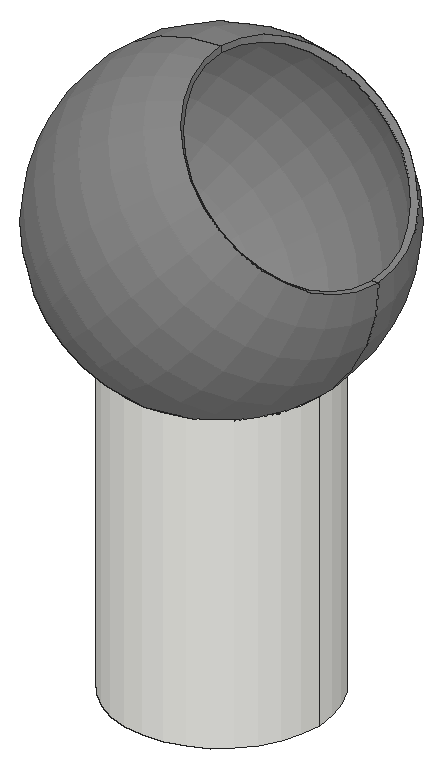
Revit family
Parameters (values of type "175 와트 메탈할라이드 ")
  Wattage = 175 W
  built-in parameter 1150110 = 1 (stored number, unit not read)
  built-in parameter 1114217 = 1 (stored number, unit not read)
  built-in parameter 1150109 = 1 (stored number, unit not read)
  built-in parameter 1150134 = 12
  built-in parameter 1150113 = 1 (stored number, unit not read)
  Tilt Angle = 90.00°
  built-in parameter 1010507 = 1.5708 (stored number, unit not read)
  built-in parameter 1010506 = 0.5236 (stored number, unit not read)
  built-in parameter 1150115 = 1 (stored number, unit not read)
  built-in parameter 1150105 = 42714.1 (stored number, unit not read)
  Light Source Symbol Length = 3048 mm
  built-in parameter 1150137 = (empty or 0)
  built-in parameter 1150139 = (empty or 0)
  built-in parameter 1150112 = 1 (stored number, unit not read)
  built-in parameter 1150114 = 1 (stored number, unit not read)
  Lamp = "BT-28"
  Lumens = 12775 lm
  음영처리 = 금속 - 페인트 마감 - 진회색, 무광
  스탠드 = 금속 - 페인트 마감 - 아이보리색, 광택
  Wattage Comments = "175"
  built-in parameter 1150132 = (empty or 0)
  built-in parameter 1150102 = (empty or 0)
  built-in parameter 1150138 = (empty or 0)
  built-in parameter 1150107 = 4000 (stored number, unit not read)
  built-in parameter 1150106 = 427.14 (stored number, unit not read)
  built-in parameter 1150104 = 6.7819 (stored number, unit not read)
  Dimming Lamp Color Temperature Shift = (empty or 0)
  Color Filter = 16777215
  built-in parameter 1114218 = 1 (stored number, unit not read)
  built-in parameter 1150133 = 10 (stored number, unit not read)
Types (3, lengths in mm): name | Wattage | built-in parameter 1150134 | built-in parameter 1150105 | Lamp | Lumens | Wattage Comments | built-in parameter 1150107 | built-in parameter 1150106 | built-in parameter 1150104
  (no name) | 175 W | 12 | 42714.1 (stored number, unit not read) | "BT-28" | 12775 lm | "175" | 4000 (stored number, unit not read) | 427.14 (stored number, unit not read) | 6.7819 (stored number, unit not read)
  300 와트 백열 | 300 W | 4 | 20432.6 (stored number, unit not read) | "PS-30" | 6111 lm | "300" | 2800 (stored number, unit not read) | 204.33 (stored number, unit not read) | 1.8924 (stored number, unit not read)
  175 와트 메탈할라이드 | 175 W | 12 | 42714.1 (stored number, unit not read) | "BT-28" | 12775 lm | "175" | 4000 (stored number, unit not read) | 427.14 (stored number, unit not read) | 6.7819 (stored number, unit not read)
Reference planes
  plane 1 "광원 축": y = 0
  plane 2: z = 0
  plane 3 "광원 축": x = 0
  plane 4 "광원 입면도": z = 431.8
Forms (mm)
  Extrusion 1, solid, material "금속 - 페인트 마감 - 아이보리색, 광택" <- "스탠드"
    sketch origin (0, 0, 0) x (1, 0, 0) y (0, 1, 0)
      loop
        circle (0, 0) r 101.6
      loop
        circle (0, 0) r 76.2
    from 0 to 304.8
  Revolve 2, solid, material "금속 - 페인트 마감 - 진회색, 무광" <- "음영처리"
    sketch origin (0, 0, 0) x (1, 0, 0) y (0, 0, 1)
      loop
        arc (0, 594.439) -> (-150.259, 494.039) -> (-115.003, 316.797) r 162.639
        line (-115.003, 316.797) -> (-110.513, 321.287)
        arc (-110.513, 321.287) -> (-144.393, 491.609) -> (0, 588.089) r 156.289
        line (0, 588.089) -> (0, 594.439)
      axis (-115.003, 316.797) -> (81.32, 513.12)
    angle from 0 to 360
Lines and regions (mm)
  symbolic lines
    curve 1: arc (163.606, 0, 0) -> (0, 163.606, 0) -> (-163.606, 0, 0) r 163.606
    curve 2: arc (-163.606, 0, 0) -> (0, -163.606, 0) -> (163.606, 0, 0) r 163.606
    curve 3: line (0, 26.672, 0) -> (200.224, 142.272, 0)
    curve 4: line (0, -22.013, 0) -> (198.998, -136.905, 0)
    curve 5: line (0, 26.672, 0) -> (0, -22.013, 0)
    curve 6: arc (200.224, 142.272, 0) -> (249.229, 2.466, 0) -> (198.998, -136.905, 0) r 221.16
Dimensions and locks
  aligned and locked: plane 1 "광원 축" to imposter light
  aligned and locked: imposter light to plane 4 "광원 입면도"
  aligned and locked: imposter light to plane 3 "광원 축"
